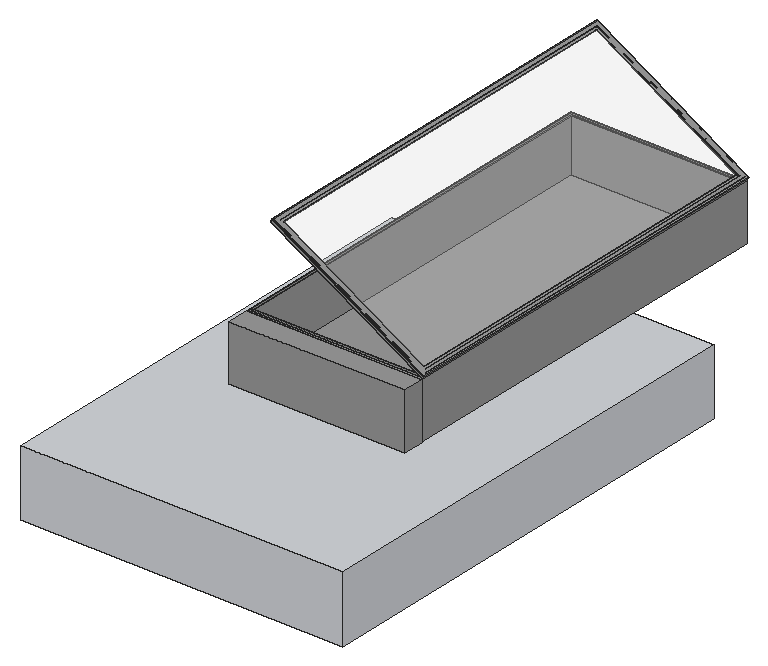
Revit family "Hager-Univers-IP55-D275-H1950-Cl.I-Steel_encl-NoHosted-DE-de", category Equipement électrique, Revit 2020
Family settings
  Hôte = Face
  Configuration du panneau = Deux colonnes, circuits au sein
  Cote de connecteur circulaire = Utiliser le diamètre
  Type d'élément = Tableau de raccordement
  Couper avec des vides une fois chargée = Non
  Partagée = Non
  Point de calcul de pièce = Non
Parameters (values of type "Bodenaufstellung IP55 B800 H1950 T275  - FR23K1")
  Width Control [instance] = if([EF000008 - Breite] > Min Width, [EF000008 - Breite], Min Width)  # 800 mm
  Commentaires du type = [HG000003 - Bereich]  # "Univers"
  Thickness Door [instance] = if([EF009171 - Materialstärke Tür/Deckel] > 3 mm, 3 mm, [EF009171 - Materialstärke Tür/Deckel])  # 1.5 mm
  Seal Frame Offset [instance] = 17 mm  # constant formula
  Plinth Visibility [instance] = [HG000027 - Sockelhöhe] > 0 mm  # yes
  Model = ""
  Min Width [instance] = 100 mm  # constant formula
  Min Height [instance] = 100 mm  # constant formula
  Min Depth [instance] = (2 * [EF009170 - Materialstärke Gehäuse]) + 1 mm  # 4 mm
  Internal Frame Depth [instance] = (Door System Depth * 0.5)  # 9 mm
  Height Control [instance] = if([EF000040 - Höhe] > Min Height, [EF000040 - Höhe], Min Height)  # 1950 mm
  HG000027 - Sockelhöhe = 100 mm
  HG000026 - Stehend auf dem Boden = yes
  HG000024 - Höhe des unteren Teils = 800 mm
  HG000023 - Gehäuse mit doppeltem Querschnitt = no
  HG000016 - 3D-Türsichtbarkeit [instance] = yes
  HG000015 - Sichtbarkeit der Türöffnung [instance] = no
  HG000014 - Tür rechts [instance] = yes
  HG000013 - Tür links [instance] = not([HG000014 - Tür rechts])  # no
  HG000012 - Türschwenkwinkel [instance] = 30.00°
  HG000010 - Asymmetrische Türen = no
  HG000009 - Doppelflügeligen Tür = no
  HG000006 - Unterputz = no
  HG000004 - Herstellerreferenz = "FR23K1"
  HG000003 - Bereich = "Univers"
  HG000002 - Mit tür = yes
  Frame Offset Bottom [instance] = 10 mm  # constant formula
  Frame Offset [instance] = 15 mm  # constant formula
  EF015940 - Deckel mit Überdruckentlastung = no
  EF011959 - Schutzart (NEMA) = ""
  EF009554 - Anzahl der Öffnungen für Flanschplatten = 6
  Fabricant = "Hager"  # constant formula
  EF009212 - Ausführung Deckel = "EV000116 - geschlossen"
  EF009171 - Materialstärke Tür/Deckel = 1.5 mm
  EF009170 - Materialstärke Gehäuse = 1.5 mm
  EF008873 - Nennstrom (In) = 800 A
  EF007800 - Geeignet für Blitzschutz = no
  EF006306 - Mit Schloss = no
  EF006244 - Transparenter Deckel/Tür = yes
  EF005474 - Schutzart (IP) = "EV006420 - IP55"
  EF004464 - Art der Tür = "EV002646 - Einzel"
  EF004427 - Anzahl der Module = 432
  EF004293 - Schlagfestigkeit = "EV008784 - IK10"
  EF003532 - Geeignet für Außengebrauch = no
  EF002950 - Breite in Teilungseinheiten = 24
  EF001613 - Funktionserhalt = "EV000494 - ohne"
  EF001596 - Werkstoff des Gehäuses = "EV000179 - Stahl"
  EF001131 - Innentiefe = 275 mm
  EF001088 - Anbaumöglichkeit = yes
  EF000437 - Anzahl der Leitungseinführungen = 6
  EF000339 - Art der Abdeckung = "EV004216 - Tür"
  EF000266 - Anzahl der Reihen = 12
  EF000218 - Einbautiefe = 0 mm
  EF000118 - Mit Montageplatte = no
  EF000116 - RAL-Nummer = "7035"
  EF000049 - Tiefe = 275 mm
  EF000040 - Höhe = 1950 mm
  EF000008 - Breite = 800 mm
  EF000007 - Farbe = "EV000270 - grau"
  EF000003 - Montageart = "EV012274 - Bodenaufstellung"
  Door System Leaf Tolerance [instance] = 1.5 mm  # constant formula
  Door System Depth [instance] = 18 mm  # constant formula
  Door Height [instance] = Height Control - [HG000027 - Sockelhöhe]  # 1850 mm
  Depth Control [instance] = if([EF000049 - Tiefe] > Min Depth, [EF000049 - Tiefe], Min Depth)  # 275 mm
  Default Elevation = 0 mm
  Connector Offset [instance] = Height Control / 2  # 975 mm
  Bottom Top Plate Trim [instance] = 1.5 mm  # constant formula
  Plinth height Ctrl [instance] = if([HG000027 - Sockelhöhe] > 0 mm, [HG000027 - Sockelhöhe], 12 mm)  # 100 mm
Types (11, lengths in mm): name | Width Control | HG000010 - Asymmetrische Türen | HG000009 - Doppelflügeligen Tür | HG000004 - Herstellerreferenz | EF009554 - Anzahl der Öffnungen für Flanschplatten | EF006244 - Transparenter Deckel/Tür | EF004464 - Art der Tür | EF004427 - Anzahl der Module | EF000437 - Anzahl der Leitungseinführungen | EF000008 - Breite
  Bodenaufstellung IP55 B1050 H1950 T275  - FR24E1 | 1050 | yes | yes | "FR24E1" | 8 | no | "EV003602 - Doppel" | 576 | 8 | 1050
  Bodenaufstellung IP55 B1050 H1950 T275  - FR24K1 | 1050 | yes | yes | "FR24K1" | 8 | yes | "EV003602 - Doppel" | 576 | 8 | 1050
  Bodenaufstellung IP55 B1300 H1950 T275  - FR25E1 | 1300 | yes | yes | "FR25E1" | 10 | no | "EV003602 - Doppel" | 720 | 10 | 1300
  Bodenaufstellung IP55 B1300 H1950 T275  - FR25K1 | 1300 | yes | yes | "FR25K1" | 10 | yes | "EV003602 - Doppel" | 720 | 10 | 1300
  Bodenaufstellung IP55 B1550 H1950 T275  - FR26E1 | 1550 | yes | yes | "FR26E1" | 12 | no | "EV003602 - Doppel" | 864 | 12 | 1550
  Bodenaufstellung IP55 B1550 H1950 T275  - FR26K1 | 1550 | yes | yes | "FR26K1" | 12 | yes | "EV003602 - Doppel" | 864 | 12 | 1550
  Bodenaufstellung IP55 B300 H1950 T275  - FR21E1 | 300 | no | no | "FR21E1" | 2 | no | "EV002646 - Einzel" | 144 | 2 | 300
  Bodenaufstellung IP55 B550 H1950 T275  - FR22E1 | 550 | no | no | "FR22E1" | 4 | no | "EV002646 - Einzel" | 288 | 4 | 550
  Bodenaufstellung IP55 B550 H1950 T275  - FR22K1 | 550 | no | no | "FR22K1" | 4 | yes | "EV002646 - Einzel" | 288 | 4 | 550
  Bodenaufstellung IP55 B800 H1950 T275  - FR23E1 | 800 | no | no | "FR23E1" | 6 | no | "EV002646 - Einzel" | 432 | 6 | 800
  Bodenaufstellung IP55 B800 H1950 T275  - FR23K1 | 800 | no | no | "FR23K1" | 6 | yes | "EV002646 - Einzel" | 432 | 6 | 800
Reference planes
  plane 1 "Center (Front/Back)": y = 0
  plane 2: z = 0
  plane 3 "Center (Left/Right)": x = 0
  plane 4: z = 275
  plane 5: y = 101.5
  plane 6: y = 1025
  plane 7: y = 100
  plane 8: y = 1950
  plane 9: z = 0
  plane 10: x = -385
  plane 11: x = 385
  plane 12: x = 383.5
  plane 13: x = -383.5
  plane 14: y = 1948.5
  plane 15: x = -383
  plane 16: x = -400
  plane 17: x = 383
  plane 18: x = 400
  plane 19: x = 398.5
  plane 20: x = -398.5
  plane 21: y = 111.5
  plane 22: y = 1950
  plane 23: y = 1933.5
  plane 24: z = 257
  plane 25: z = 1.5
  plane 26: z = 255.5
  plane 27: z = 273.5
Forms (mm)
  Extrusion 1, solid
    sketch origin (0, 0, 0) x (1, 0, 0) y (0, 1, 0)
      loop
        line (-702.964, 1305) -> (-702.964, -811.445) -> (766.763, -811.445) -> (766.763, 1305) -> (-702.964, 1305)
    from 0 to -304.8
  Extrusion 2, solid, material "Hager_Steel_RAL7035_Light_Grey", visible <- "Plinth Visibility", detail levels medium+fine
    sketch origin (0, 0, 0) x (1, 0, 0) y (0, 1, 0)
      loop
        line (-400, 0) -> (400, 0) -> (400, 100) -> (-400, 100) -> (-400, 0)
    from 0 to 257
  Extrusion 3, solid, material "Hager_Steel_RAL7035_Light_Grey", detail levels medium+fine
    sketch origin (0, 0, 0) x (1, 0, 0) y (0, 1, 0)
      loop
        line (-400, 100) -> (400, 100) -> (400, 1950) -> (-400, 1950) -> (-400, 100)
    from 0 to 257
  Extrusion 4, void
    sketch origin (0, 0, 0) x (1, 0, 0) y (0, 1, 0)
      loop
        line (-398.5, 101.5) -> (398.5, 101.5) -> (398.5, 1948.5) -> (-398.5, 1948.5) -> (-398.5, 101.5)
    from 1.5 to 255.5
  Extrusion 5, void
    sketch origin (-381.607, -4572, 257) x (0, -1, 0) y (-1, 0, 0)
      loop
        line (-4683.5, 1.893) -> (-6505.5, 1.893) -> (-6505.5, -765.107) -> (-4683.5, -765.107) -> (-4683.5, 1.893)
    from 0 to 1.5 <- "EF009170 - Materialstärke Gehäuse"
  Extrusion 6, solid, material "Hager_Steel_RAL7035_Light_Grey", detail levels fine
    sketch origin (0, 0, 257) x (1, 0, 0) y (0, 1, 0)
      loop
        line (-383.5, 1933.5) -> (-383.5, 111.5) -> (383.5, 111.5) -> (383.5, 1933.5) -> (-383.5, 1933.5)
      loop
        line (-385, 110) -> (385, 110) -> (385, 1935) -> (-385, 1935) -> (-385, 110)
    from 0 to 9 <- "Internal Frame Depth"
  Extrusion 7, solid, material "Hager_Steel_RAL7035_Light_Grey", detail levels coarse
    sketch origin (0, 0, 0) x (1, 0, 0) y (0, 1, 0)
      loop
        line (-400, 0) -> (400, 0) -> (400, 1950) -> (-400, 1950) -> (-400, 0)
    from 0 to 275
  Sweep 8, void
    path in 3D
      loop
        line (-400, 100, 0) -> (400, 100, 0) -> (400, 100, 257) -> (-400, 100, 257) -> (-400, 100, 0)
    profile origin (-400, 100, 128.5) x (-1, 0, 0) y (0, -1, 0)
      loop
        line (0, 0) -> (0, 1.5) -> (-1.5, 1.5)
        arc (-1.5, 1.5) -> (-1.061, 0.439) -> (0, 0) r 1.5
Cuts and joins
  Extrusion 4, Extrusion 5 cuts Extrusion 3
  Sweep 8 cuts Extrusion 2
Lines and regions (mm)
  Masking region 1
    outline origin (0, 0, 0) x (1, 0, 0) y (0, 0, 1)
      loop
        line (-400, 275) -> (-400, 0) -> (400, 0) -> (400, 275) -> (-400, 275)
  Masking region 2, detail levels medium+fine
    outline origin (0, 140, 0) x (0, 1, 0) y (0, 0, 1)
      loop
        line (-40, 0) -> (1810, 0) -> (1810, 257) -> (-40, 257) -> (-40, 0)
  Masking region 3, not visible, detail levels medium+fine
    outline origin (0, 297.922, 0) x (0, 1, 0) y (0, 0, 1)
      loop
        line (738.578, 0) -> (778.578, 0) -> (778.578, 263.5)
        arc (778.578, 263.5) -> (775.649, 270.571) -> (768.578, 273.5) r 10
        line (768.578, 273.5) -> (738.578, 273.5) -> (738.578, 0)
  Masking region 4, detail levels coarse
    outline origin (0, 0, 180) x (0, 1, 0) y (0, 0, 1)
      loop
        line (0, -180) -> (1950, -180) -> (1950, 95) -> (0, 95) -> (0, -180)
  Masking region 5, visible <- "Plinth Visibility", detail levels medium+fine
    outline origin (0, 52.24, 12.345) x (0, 0, -1) y (0, 1, 0)
      loop
        line (10.845, 47.76) -> (-243.155, 47.76)
        arc (-243.155, 47.76) -> (-243.594, 46.699) -> (-244.655, 46.26) r 1.5
        line (-244.655, 46.26) -> (-244.655, -52.24) -> (12.345, -52.24) -> (12.345, 46.26)
        arc (12.345, 46.26) -> (11.285, 46.699) -> (10.845, 47.76) r 1.5
  Masking region 6, detail levels medium+fine
    outline origin (-381.607, -4572, 257) x (-1, 0, 0) y (0, -1, 0)
      loop
        line (18.393, -6522) -> (18.393, -4672) -> (-781.607, -4672) -> (-781.607, -6522) -> (18.393, -6522)
  Masking region 7, visible <- "Plinth Visibility", detail levels medium+fine
    outline origin (-381.607, -4727, 257) x (-1, 0, 0) y (0, -1, 0)
      loop
        arc (16.893, -4827) -> (17.332, -4825.939) -> (18.393, -4825.5) r 1.5
        line (18.393, -4825.5) -> (18.393, -4727) -> (-781.607, -4727) -> (-781.607, -4825.5)
        arc (-781.607, -4825.5) -> (-780.546, -4825.939) -> (-780.107, -4827) r 1.5
        line (-780.107, -4827) -> (16.893, -4827)
  Masking region 8, detail levels coarse
    outline origin (-442.548, -4669.526, 257) x (-1, 0, 0) y (0, -1, 0)
      loop
        line (-42.548, -6619.526) -> (-42.548, -4669.526) -> (-842.548, -4669.526) -> (-842.548, -6619.526) -> (-42.548, -6619.526)
  sketch lines
    curve 1: line (-400, 100, 257) -> (-400, 100, 0)
    curve 2: line (400, 100, 257) -> (-400, 100, 257)
    curve 3: line (400, 100, 257) -> (400, 100, 0)
    curve 4: line (-400, 100, 0) -> (400, 100, 0)
Dimensions and locks
  "Depth Control": plane 4 to Extrusion 1
  "HG000027 - Sockelhöhe": plane 1 "Center (Front/Back)" to plane 7
  "EF009170 - Materialstärke Gehäuse": plane 5 to plane 7
  locked: connector elem to plane 3 "Center (Left/Right)"
  equal spacing: plane 8, plane 6, plane 7
  locked: connector elem to plane 6
  "EF009170 - Materialstärke Gehäuse": plane 8 to plane 14
  "EF009170 - Materialstärke Gehäuse": plane 10 to plane 13
  "EF009170 - Materialstärke Gehäuse": plane 12 to plane 11
  "Frame Offset": plane 20 to plane 13
  "Frame Offset": plane 12 to plane 19
  "EF009170 - Materialstärke Gehäuse": plane 16 to plane 20
  "EF009170 - Materialstärke Gehäuse": plane 19 to plane 18
  "Seal Frame Offset": plane 16 to plane 15
  "Seal Frame Offset": plane 17 to plane 18
  "Frame Offset Bottom": plane 21 to plane 5
  "Frame Offset": plane 14 to plane 23
  equal spacing: plane 16, plane 3 "Center (Left/Right)", plane 18
  "Width Control": plane 16 to plane 18
  "EF009170 - Materialstärke Gehäuse": plane 4 to plane 27
  "EF009170 - Materialstärke Gehäuse": plane 24 to plane 26
  "EF009170 - Materialstärke Gehäuse": plane 25 to level
  "Door System Depth": plane 4 to plane 24
  "Height Control": plane 1 "Center (Front/Back)" to Extrusion 7 sketch curve
  "Height Control": Masking region 4 sketch curve to plane 1 "Center (Front/Back)"
  "Height Control": plane 1 "Center (Front/Back)" to plane 22
  "Bottom Top Plate Trim": profile plane to Sweep 8 sketch curve
  "Bottom Top Plate Trim": Sweep 8 sketch curve to profile plane
  "Plinth height Ctrl": plane 1 "Center (Front/Back)" to Extrusion 2 sketch curve
  "Plinth height Ctrl": Masking region 5 sketch curve to plane 1 "Center (Front/Back)"
  "Plinth height Ctrl": plane 1 "Center (Front/Back)" to Masking region 7 sketch curve
  "Thickness Door": Extrusion 6 sketch curve to Extrusion 6 sketch curve  (x3)
  "Thickness Door": cut or joined group of Extrusion 3, Extrusion 4, Extrusion 5 to Extrusion 6 sketch curve
  radius of Masking region 3 sketch curve = 10 mm
  "Bottom Top Plate Trim": radius of Masking region 5 sketch curve  (x2)
  "Bottom Top Plate Trim": radius of Sweep 8 sketch curve
  "Bottom Top Plate Trim": radius of Masking region 7 sketch curve  (x2)
  aligned and locked: plane 2 to Extrusion 1
  aligned and locked: level to Extrusion 1
  aligned and locked: level to Masking region 1 sketch curve
  aligned and locked: Masking region 1 sketch curve to plane 18
  aligned and locked: Masking region 1 sketch curve to plane 16
  aligned and locked: plane 7 to Masking region 2 sketch curve
  aligned and locked: level to Masking region 3 sketch curve
  aligned and locked: Masking region 3 sketch curve to plane 27
  aligned and locked: level to Masking region 2 sketch curve
  aligned and locked: plane 1 "Center (Front/Back)" to Extrusion 2 sketch curve
  aligned and locked: Extrusion 3 sketch curve to plane 7
  aligned and locked: plane 16 to Extrusion 3 sketch curve
  aligned and locked: plane 18 to Extrusion 3 sketch curve
  aligned and locked: plane 20 to Extrusion 4 sketch curve
  aligned and locked: plane 19 to Extrusion 4 sketch curve
  aligned and locked: Extrusion 4 sketch curve to plane 5
  aligned and locked: Extrusion 4 to plane 25
  aligned and locked: plane 26 to Extrusion 4
  aligned and locked: plane 24 to Extrusion 3
  aligned and locked: Extrusion 5 sketch curve to plane 21
  aligned and locked: Extrusion 5 sketch curve to plane 13
  aligned and locked: Extrusion 5 sketch curve to plane 12
  aligned and locked: plane 18 to Extrusion 7 sketch curve
  aligned and locked: plane 1 "Center (Front/Back)" to Extrusion 7 sketch curve
  aligned and locked: plane 16 to Extrusion 7 sketch curve
  aligned and locked: plane 4 to Extrusion 7
  aligned and locked: Extrusion 7 to level
  aligned and locked: level to Masking region 4 sketch curve
  aligned and locked: Masking region 4 sketch curve to plane 1 "Center (Front/Back)"
  aligned and locked: Masking region 4 sketch curve to plane 4
  aligned and locked: nested 1 to level
  aligned and locked: nested 1 to plane 16
  aligned and locked: plane 8 to Extrusion 3 sketch curve
  aligned and locked: plane 23 to Extrusion 5 sketch curve
  aligned and locked: plane 14 to Extrusion 4 sketch curve
  aligned and locked: Masking region 2 sketch curve to plane 8
  aligned and locked: level to Masking region 5 sketch curve
  aligned and locked: plane 16 to Extrusion 2 sketch curve
  aligned and locked: plane 18 to Extrusion 2 sketch curve
  aligned and locked: Masking region 5 sketch curve to plane 24
  aligned and locked: Masking region 2 sketch curve to plane 24
  aligned and locked: plane 24 to Extrusion 2
  aligned and locked: profile plane to Sweep 8 sketch curve  (x2)
  aligned and locked: Masking region 6 sketch curve to plane 18
  aligned and locked: Masking region 6 sketch curve to plane 22
  aligned and locked: Masking region 6 sketch curve to plane 16
  aligned and locked: plane 8 to plane 22
  aligned and locked: Masking region 6 sketch curve to plane 7
  aligned and locked: Masking region 7 sketch curve to plane 16
  aligned and locked: Masking region 7 sketch curve to plane 1 "Center (Front/Back)"
  aligned and locked: Masking region 7 sketch curve to plane 18
  aligned and locked: Masking region 8 sketch curve to plane 1 "Center (Front/Back)"
  aligned and locked: Masking region 8 sketch curve to plane 18
  aligned and locked: Masking region 8 sketch curve to plane 22
  aligned and locked: Masking region 8 sketch curve to plane 16
  aligned and locked: nested 2 to plane 7
  aligned and locked: plane 3 "Center (Left/Right)" to nested 2
  aligned and locked: nested 2 to plane 24
  aligned and locked: Extrusion 6 sketch curve to cut or joined group of Extrusion 3, Extrusion 4, Extrusion 5  (x4)
Automatic sketch dimensions
  Extrusion 1 sketch curve to Extrusion 1 sketch curve = 1469.727 mm
  Extrusion 1 sketch curve to Extrusion 1 sketch curve = 2116.445 mm
  Masking region 1 sketch curve to plane 4 = 0 mm
  plane 6 to Masking region 3 sketch curve = 11.5 mm
  Masking region 3 sketch curve to Masking region 3 sketch curve = 30 mm
  Masking region 5 sketch curve to plane 1 "Center (Front/Back)" = 0 mm
Nested families
  nested 1: "Hager_Enclosure_Symbol" at (-400, 0, 0) x (1, 0, 0) z (0, -1, 0), Height <- "Depth Control", Width <- "Width Control", type "Hager_Enclosure_Symbol"
    with Width_Ctrl 800 mm, Width 800 mm, Height_Ctrl 275 mm, Height 275 mm, A_Width_Int 18.047 mm, A_Width 216.562 mm, A_Height_Ctrl 240.625 mm, A_Height 240.625 mm
  nested 2: "EC000058_Univers_Door" at (0, 100, 257) x (1, 0, 0) z (0, 1, 0), Leaf_Tolerance <- "Door System Leaf Tolerance", Angle <- "HG000012 - Türschwenkwinkel", Door_Depth <- "Door System Depth", Door_Left <- "HG000013 - Tür links", Transparent <- "EF006244 - Transparenter Deckel/Tür", Assymetrical <- "HG000010 - Asymmetrische Türen", Width <- "Width Control", Clearance <- "HG000015 - Sichtbarkeit der Türöffnung", Double <- "HG000009 - Doppelflügeligen Tür", 3d_Door <- "HG000016 - 3D-Türsichtbarkeit", Lock_Visibility <- "EF006306 - Mit Schloss", Width_Ctrl <- "Width Control", Door_Right <- "HG000014 - Tür rechts", Door <- "HG000002 - Mit tür", Height <- "Door Height", Thickness <- "Thickness Door", type "EC000058_Univers_Door", detail levels medium+fine
    with min_wh 4 mm, Width_Ctrl 800 mm, Width 800 mm, Transparent yes, Thickness 1.5 mm, Seal_Material Hager_Rubber, Lock_Visibility no, Lock_Material Hager_Plastic_RAL9005_Jet_Black, Leaf_Width 800 mm, Leaf_Tolerance_External_Sides 0 mm, Leaf_Tolerance 1.5 mm, Leaf_Offset 0 mm, Leaf_Height 1847 mm, Leaf_2_Width 800 mm, Leaf_2_Offset 400 mm, Leaf_1_Width 800 mm, Leaf_1_Offset 400 mm, Height_Ctrl 1850 mm, Height 1850 mm, Glass_Material Hager_Glass, Double_Clearance_Ctrl no, Double no, Door_Right_Ctrl yes, Door_Right yes, Door_Material Hager_Steel_RAL7035_Light_Grey, Door_Left_Ctrl no, Door_Left no, Door_Depth 18 mm, Door yes, Clearance_Material Hager_Clearance, Clearance_Depth 800 mm, Clearance_Ctrl no, Clearance no, Assymetrical no, Angle 30.00°, 3d_Door yes
Connectors
  electrical at (0, 1025, 0)
    settings: on plane 9, index 1, voltage 0 V, apparent load 0 VA, apparent load phase1 0 VA, apparent load phase2 0 VA, apparent load phase3 0 VA, power factor 1, load classification "Other", number of poles 1, system type 30, power factor state 1, is connector primary yes, connector utility no, sub classification motor no, connector description ""
Definition of nested family "EC000058_Univers_Door"
  Parameters (values of type "EC000058_Univers_Door")
    min_wh [instance] = (2 * Thickness) + 1 mm  # 11 mm
    Width_Ctrl [instance] = 400 mm
    Width [instance] = 500 mm
    Transparent [instance] = yes
    Thickness [instance] = 5 mm
    Seal_Material [instance] = none
    Lock_Visibility [instance] = yes
    Lock_Material [instance] = none
    Leaf_Width [instance] = if((Width_Ctrl - 2 * Leaf_Tolerance_External_Sides) > 0 mm, (Width_Ctrl - 2 * Leaf_Tolerance_External_Sides), min_wh)  # 400 mm
    Leaf_Tolerance_External_Sides [instance] = 0 mm  # constant formula
    Leaf_Tolerance [instance] = 1.5 mm
    Leaf_Offset [instance] = 0 mm  # constant formula
    Leaf_Height [instance] = if((Height_Ctrl - 2 * Leaf_Tolerance) > 0 mm, (Height_Ctrl - 2 * Leaf_Tolerance), min_wh)  # 497 mm
    Leaf_2_Width [instance] = if(and(and(Double, Assymetrical), Door_Left), (Leaf_Width / 3) - (Leaf_Tolerance / 2), if(and(and(Double, Assymetrical), Door_Right), (Leaf_Width / 3) * 2 - (Leaf_Tolerance / 2), if(and(Double, not(Assymetrical)), (Leaf_Width / 2) - Leaf_Tolerance, Leaf_Width)))  # 400 mm
    Leaf_2_Offset [instance] = if(and(Double, Assymetrical), Leaf_2_Width / 2, if(and(Double, not(Assymetrical)), Leaf_Width / 4, Leaf_Width / 2))  # 200 mm
    Leaf_1_Width [instance] = if(and(and(Double, Assymetrical), Door_Right), (Leaf_Width / 3) - (Leaf_Tolerance / 2), if(and(and(Double, Assymetrical), Door_Left), (Width / 3) * 2 - (Leaf_Tolerance / 2), if(and(Double, not(Assymetrical)), (Leaf_Width / 2) - Leaf_Tolerance, Leaf_Width)))  # 400 mm
    Leaf_1_Offset [instance] = if(and(Double, Assymetrical), Leaf_1_Width / 2, if(and(Double, not(Assymetrical)), Leaf_Width / 4, Leaf_Width / 2))  # 200 mm
    Height_Ctrl [instance] = if(Height > min_wh, Height, min_wh)  # 500 mm
    Height [instance] = 500 mm
    Glass_Material [instance] = none
    Double_Clearance_Ctrl [instance] = and(Double, Clearance)  # no
    Double [instance] = no
    Door_Right_Ctrl [instance] = and(or(Door_Right, Double), Door)  # yes
    Door_Right [instance] = yes
    Door_Material [instance] = none
    Door_Left_Ctrl [instance] = and(or(Door_Left, Double), Door)  # no
    Door_Left [instance] = no
    Door_Depth [instance] = 30 mm
    Door [instance] = yes
    Default Elevation = 1219.2 mm
    Clearance_Material [instance] = none
    Clearance_Depth [instance] = if(Leaf_1_Width > Leaf_2_Width, Leaf_1_Width, Leaf_2_Width)  # 400 mm
    Clearance_Ctrl [instance] = and(not(Double), Clearance)  # yes
    Clearance [instance] = yes
    Assymetrical [instance] = yes
    Angle [instance] = 30.00°
    3d_Door [instance] = yes
  Reference planes
    plane 1 "Center (Front/Back)": y = 0
    plane 2 "Bottom": z = 0
    plane 3 "Center (Left/Right)": x = 0
    plane 4: z = 500
    plane 5: x = -200
    plane 6: x = 200
    plane 7: z = 500
    plane 8: x = -200
    plane 9: z = 0
    plane 10: x = 200
    plane 11: y = 0
    plane 12: z = 1.5
    plane 13: x = -600
    plane 14: y = -400
    plane 15: x = 600
    plane 16: x = 0
    plane 17: x = 0
    plane 18: x = -200
    plane 19: x = 200
    plane 20: z = 498.5
  Forms (mm)
    Extrusion 1, solid, material <- "Clearance_Material", visible <- "Double_Clearance_Ctrl"
      sketch origin (1200, 0, 0) x (1, 0, 0) y (0, 0, -1)
        loop
          line (-1800, -498.5) -> (-600, -498.5) -> (-600, 0) -> (-1800, 0) -> (-1800, -498.5)
      from 0 to -400
  Dimensions and locks
    equal spacing: plane 5, plane 3 "Center (Left/Right)", plane 6
    "Width_Ctrl": plane 5 to plane 6
    "Leaf_Offset": plane 5 to plane 8
    "Leaf_Offset": plane 6 to plane 10
    "Leaf_Offset": plane 9 to level
    "Leaf_Offset": plane 4 to plane 7
    "Height_Ctrl": plane 4 to level
    "Leaf_Tolerance": plane 12 to plane 9
    locked: plane 11 to plane 1 "Center (Front/Back)"
    "Leaf_1_Offset": plane 18 to plane 16
    "Leaf_2_Offset": plane 17 to plane 19
    "Leaf_1_Width": plane 13 to plane 8
    "Leaf_2_Width": plane 10 to plane 15
    "Clearance_Depth": plane 14 to plane 1 "Center (Front/Back)"
    "Leaf_Tolerance_External_Sides": plane 8 to plane 18
    "Leaf_Tolerance_External_Sides": plane 19 to plane 10
    "Leaf_Tolerance": plane 7 to plane 20
    aligned and locked: level to plane 2 "Bottom"
    aligned and locked: nested 1 to plane 16
    aligned and locked: nested 2 to plane 17
    aligned and locked: Extrusion 1 to plane 13
    aligned and locked: plane 15 to Extrusion 1
    aligned and locked: Extrusion 1 to plane 14
    aligned and locked: plane 12 to nested 1
    aligned and locked: nested 2 to plane 12
    aligned and locked: Extrusion 1 to plane 11
    aligned and locked: plane 20 to Extrusion 1
    aligned and locked: nested 2 to plane 11
    aligned and locked: nested 1 to plane 11
  Automatic sketch dimensions
    Extrusion 1 sketch curve to level = 0 mm
    plane 5 to Extrusion 1 sketch curve = 400 mm
    plane 6 to Extrusion 1 sketch curve = 400 mm
    Extrusion 1 sketch curve to plane 4 = 1.5 mm
  Nested families
    nested 1: "EC000058_Univers_Door_Leaf" at (0, 0, 1.5), Width <- "Leaf_1_Width", visible <- "Door_Left_Ctrl", Leaf_Height <- "Leaf_Height", Angle <- "Angle", 3d_Door <- "3d_Door", Transparent <- "Transparent", Clearance Material <- "Clearance_Material", Clearance <- "Clearance_Ctrl", Door_Material <- "Door_Material", Glass_Material <- "Glass_Material", Door_Depth <- "Door_Depth", Lock_Material <- "Lock_Material", Seal_Material <- "Seal_Material", Lock_Visibility <- "Lock_Visibility", Thickness <- "Thickness", type "EC000058_Univers_Door_Leaf"
      with Width 400 mm, Transparent_Glass_Offset 30 mm, Transparent_Ctrl yes, Transparent yes, Thickness 5 mm, Standard no, Seal_Material none, Seal_D2 8 mm, Seal_D1 1 mm, Offset_Internal_Frame 10 mm, Lock_Width 20 mm, Lock_Visibility_3d yes, Lock_Visibility yes, Lock_Thickness_3 3 mm, Lock_Thickness_2 1 mm, Lock_Thickness_1 3 mm, Lock_Radius_Offset_2 16 mm, Lock_Radius_Offset_1 15 mm, Lock_Radius_2 5 mm, Lock_Radius 6 mm, Lock_Offset 5 mm, Lock_Material none, Lock_Height 80 mm, Lock_Cover_Top_Offset_2d 17 mm, Lock_Cover_Height -65 mm, Leaf_Height 497 mm, Internal_Seal_Thickness 8 mm, Internal_Seal_Depth_2 4.5 mm, Internal_Frame_Depth 25 mm, Glass_Thickness -1 mm, Glass_Offset -2 mm, Glass_Material none, Door_Material none, Door_Depth 30 mm, Clearance Material none, Clearance yes, Angle_Ctrl 30.00°, Angle 30.00°, 3d_Door yes
    nested 2: "EC000058_Univers_Door_Leaf" at (0, 0, 1.5) x (-1, 0, 0) z (0, 0, 1), Width <- "Leaf_2_Width", visible <- "Door_Right_Ctrl", Leaf_Height <- "Leaf_Height", Angle <- "Angle", 3d_Door <- "3d_Door", Transparent <- "Transparent", Clearance Material <- "Clearance_Material", Clearance <- "Clearance_Ctrl", Door_Material <- "Door_Material", Glass_Material <- "Glass_Material", Door_Depth <- "Door_Depth", Lock_Material <- "Lock_Material", Seal_Material <- "Seal_Material", Lock_Visibility <- "Lock_Visibility", Thickness <- "Thickness", type "EC000058_Univers_Door_Leaf"
      with Width 400 mm, Transparent_Glass_Offset 30 mm, Transparent_Ctrl yes, Transparent yes, Thickness 5 mm, Standard no, Seal_Material none, Seal_D2 8 mm, Seal_D1 1 mm, Offset_Internal_Frame 10 mm, Lock_Width 20 mm, Lock_Visibility_3d yes, Lock_Visibility yes, Lock_Thickness_3 3 mm, Lock_Thickness_2 1 mm, Lock_Thickness_1 3 mm, Lock_Radius_Offset_2 16 mm, Lock_Radius_Offset_1 15 mm, Lock_Radius_2 5 mm, Lock_Radius 6 mm, Lock_Offset 5 mm, Lock_Material none, Lock_Height 80 mm, Lock_Cover_Top_Offset_2d 17 mm, Lock_Cover_Height -65 mm, Leaf_Height 497 mm, Internal_Seal_Thickness 8 mm, Internal_Seal_Depth_2 4.5 mm, Internal_Frame_Depth 25 mm, Glass_Thickness -1 mm, Glass_Offset -2 mm, Glass_Material none, Door_Material none, Door_Depth 30 mm, Clearance Material none, Clearance yes, Angle_Ctrl 30.00°, Angle 30.00°, 3d_Door yes
  Definition of nested family "EC000058_Univers_Door_Leaf"
    Parameters (values of type "EC000058_Univers_Door_Leaf")
      Width [instance] = 2000 mm
      Transparent_Glass_Offset [instance] = 30 mm
      Transparent_Ctrl [instance] = and(Transparent, [3d_Door])  # yes
      Transparent [instance] = yes
      Thickness [instance] = 5 mm
      Standard [instance] = and(not(Transparent), [3d_Door])  # no
      Seal_Material [instance] = none
      Seal_D2 [instance] = 8 mm  # constant formula
      Seal_D1 [instance] = 1 mm  # constant formula
      Offset_Internal_Frame [instance] = 10 mm  # constant formula
      Lock_Width [instance] = 20 mm  # constant formula
      Lock_Visibility_3d [instance] = and(Lock_Visibility, [3d_Door])  # yes
      Lock_Visibility [instance] = yes
      Lock_Thickness_3 [instance] = 3 mm  # constant formula
      Lock_Thickness_2 [instance] = 1 mm  # constant formula
      Lock_Thickness_1 [instance] = 3 mm  # constant formula
      Lock_Radius_Offset_2 [instance] = Lock_Radius_Offset_1 + 1 mm  # 16 mm
      Lock_Radius_Offset_1 [instance] = 15 mm  # constant formula
      Lock_Radius_2 [instance] = Lock_Radius - 1 mm  # 5 mm
      Lock_Radius [instance] = 6 mm  # constant formula
      Lock_Offset [instance] = 5 mm  # constant formula
      Lock_Material [instance] = none
      Lock_Height [instance] = 80 mm  # constant formula
      Lock_Cover_Top_Offset_2d [instance] = Lock_Radius_Offset_2 + 1 mm  # 17 mm
      Lock_Cover_Height [instance] = -(Lock_Height - Lock_Radius_Offset_1)  # -65 mm
      Leaf_Height [instance] = 2720.336 mm
      Internal_Seal_Thickness [instance] = 8 mm  # constant formula
      Internal_Seal_Depth_2 [instance] = 4.5 mm  # constant formula
      Internal_Frame_Depth [instance] = if(Door_Depth - Thickness > 5 mm, Door_Depth - Thickness, 5 mm)  # 25 mm
      Glass_Thickness [instance] = if(Thickness > 15 mm, Glass_Offset + 10 mm, -1 mm)  # -1 mm
      Glass_Offset [instance] = if(Thickness > 15 mm, -(Thickness + 10 mm) / 2, -2 mm)  # -2 mm
      Glass_Material [instance] = none
      Door_Material [instance] = none
      Door_Depth [instance] = 30 mm
      Default Elevation = 0 mm
      Clearance Material [instance] = none
      Clearance [instance] = yes
      Angle_Ctrl [instance] = if(Angle > 180.00°, 180.00°, Angle)  # 90.00°
      Angle [instance] = 90.00°
      3d_Door [instance] = yes
    Reference planes
      plane 1 "Center (Front/Back)": y = 0
      plane 2: z = 0
      plane 3 "Center (Left/Right)": x = 0
      plane 4: y = 2000
      plane 5: x = -1000
      plane 6: x = 1000
      plane 7: x = -3000
      plane 8: z = 2720.336
      plane 9: z = 30
      plane 10: z = 2690.336
      plane 11: x = 970
      plane 12: x = -970
      plane 13: y = -3
      plane 14: z = 107.833
      plane 15: y = -5
      plane 16: y = -223.314
      plane 17: x = -1000
      plane 18: z = 1360.168
      plane 19: y = 30
    Forms (mm)
      Extrusion 1, solid, material <- "Clearance Material", visible <- "Clearance"
        sketch origin (0, 0, 0) x (1, 0, 0) y (0, 0, 1)
          loop
            line (-3000, 2720.336) -> (-3000, 0) -> (1000, 0) -> (1000, 2720.336) -> (-3000, 2720.336)
        from 0 to -2000
      Extrusion 2, solid, material <- "Door_Material", visible <- "Standard", detail levels medium+fine
        sketch origin (-1000, 0, 0) x (0, 1, 0) y (-1, 0, 0)
          loop
            line (0, 30) -> (0, 25) -> (2000, 25) -> (2000, 30) -> (0, 30)
        from 0 to 2720.336 <- "Leaf_Height"
      Extrusion 3, solid, material <- "Door_Material", visible <- "Transparent_Ctrl", detail levels medium+fine
        sketch origin (-1000, 0, 0) x (0, 1, 0) y (-1, 0, 0)
          loop
            line (0, 25) -> (2000, 25) -> (2000, 30) -> (0, 30) -> (0, 25)
        from 0 to 2720.336 <- "Leaf_Height"
      Extrusion 4, void
        sketch origin (-1025, 2000, 0) x (0, 1, 0) y (0, 0, -1)
          loop
            line (-30, -2690.336) -> (-30, -30) -> (-1970, -30) -> (-1970, -2690.336) -> (-30, -2690.336)
        from 0 to 5 <- "Thickness"
      Sweep 5, solid, material <- "Seal_Material", visible <- "Transparent_Ctrl", detail levels fine
        path in 3D
          loop
            line (-1025, 30, 30) -> (-1025, 30, 2690.336) -> (-1025, 1970, 2690.336) -> (-1025, 1970, 30) -> (-1025, 30, 30)
        profile origin (-1025, 1000, 30) x (1, 0, 0) y (0, 0, 1)
          loop
            line (0, 0) -> (0, -8) -> (1, -8) -> (1, 0) -> (0, 0)
      Extrusion 6, solid, material <- "Glass_Material", visible <- "Transparent_Ctrl", detail levels medium+fine
        sketch origin (-1030, 0, 0) x (0, 1, 0) y (0, 0, -1)
          loop
            line (1970, -2690.336) -> (1970, -30) -> (30, -30) -> (30, -2690.336) -> (1970, -2690.336)
        from -2 <- "Glass_Offset" to -1 <- "Glass_Thickness"
      Extrusion 7, solid, material <- "Door_Material", visible <- "3d_Door", detail levels medium+fine
        sketch origin (-1025, 2000, 0) x (0, -1, 0) y (0, 0, -1)
          loop
            line (0, -2720.336) -> (2000, -2720.336) -> (2000, 0) -> (0, 0) -> (0, -2720.336)
          loop
            line (1995, -5) -> (5, -5) -> (5, -2715.336) -> (1995, -2715.336) -> (1995, -5)
        from 0 to 25 <- "Internal_Frame_Depth"
      Sweep 8, solid, material <- "Seal_Material", visible <- "Transparent_Ctrl", detail levels fine
        path in 3D
          loop
            line (-1025, 0, 0) -> (-1025, 2000, 0) -> (-1025, 2000, 2720.336) -> (-1025, 0, 2720.336) -> (-1025, 0, 0)
        profile origin (-1025, 0, 1360.168) x (1, 0, 0) y (0, 1, 0)
          loop
            line (0, 10) -> (2.975, 10)
            arc (2.975, 10) -> (4.053, 10.447) -> (4.5, 11.525) r 1.525
            line (4.5, 11.525) -> (4.5, 16.527)
            arc (4.5, 16.527) -> (4.069, 17.569) -> (3.027, 18) r 1.473
            line (3.027, 18) -> (0, 18) -> (0, 10)
      Extrusion 9, solid, material <- "Lock_Material", visible <- "Lock_Visibility_3d", detail levels fine
        sketch origin (-1030, 0, 0) x (0, 1, 0) y (0, 0, -1)
          loop
            arc (1993.5, -1400.168) -> (1994.561, -1399.729) -> (1995, -1398.668) r 1.5
            line (1995, -1398.668) -> (1995, -1320.168) -> (1975, -1320.168) -> (1975, -1398.668)
            arc (1975, -1398.668) -> (1975.439, -1399.729) -> (1976.5, -1400.168) r 1.5
            line (1976.5, -1400.168) -> (1993.5, -1400.168)
        from 3 <- "Lock_Thickness_1" to 0
      Blend 10, solid, material <- "Lock_Material", visible <- "Lock_Visibility_3d", detail levels fine
        base sketch origin (-1033, 0, 0) x (0, 1, 0) y (0, 0, -1)
          loop
            line (1975, -1320.168) -> (1975, -1398.668)
            arc (1975, -1398.668) -> (1975.439, -1399.729) -> (1976.5, -1400.168) r 1.5
            line (1976.5, -1400.168) -> (1993.5, -1400.168)
            arc (1993.5, -1400.168) -> (1994.561, -1399.729) -> (1995, -1398.668) r 1.5
            line (1995, -1398.668) -> (1995, -1320.168) -> (1975, -1320.168)
        top sketch origin (-1033, 0, 0) x (0, 1, 0) y (0, 0, -1)
          loop
            line (1976, -1320.168) -> (1976, -1398.668)
            arc (1976, -1398.668) -> (1976.146, -1399.022) -> (1976.5, -1399.168) r 0.5
            line (1976.5, -1399.168) -> (1993.5, -1399.168)
            arc (1993.5, -1399.168) -> (1993.854, -1399.022) -> (1994, -1398.668) r 0.5
            line (1994, -1398.668) -> (1994, -1320.168) -> (1976, -1320.168)
        from 0 to 1 <- "Lock_Thickness_2"
      Blend 11, solid, material <- "Lock_Material", visible <- "Lock_Visibility_3d", detail levels fine
        base sketch origin (-1034, 0, 0) x (0, 1, 0) y (0, 0, -1)
          loop
            line (1978, -1320.168) -> (1978, -1384.168)
            arc (1978, -1384.168) -> (1985, -1391.168) -> (1992, -1384.168) r 7
            line (1992, -1384.168) -> (1992, -1320.168) -> (1978, -1320.168)
        top sketch origin (-1034, 0, 0) x (0, 1, 0) y (0, 0, -1)
          loop
            line (1991, -1320.168) -> (1979, -1320.168) -> (1979, -1383.168)
            arc (1979, -1383.168) -> (1985, -1389.168) -> (1991, -1383.168) r 6
            line (1991, -1383.168) -> (1991, -1320.168)
        from 0 to 3 <- "Lock_Thickness_3"
      Extrusion 12, solid, material <- "Lock_Material", visible <- "Lock_Visibility_3d", detail levels fine
        sketch origin (-1030, 1975, 1320.168) x (1, 0, 0) y (0, -1, 0)
          loop
            line (-7, -19) -> (-7, -1) -> (0, -1) -> (0, 0) -> (-8, 0) -> (-8, -20) -> (0, -20) -> (0, -19) -> (-7, -19)
        from 0 to -65 <- "Lock_Cover_Height"
      Extrusion 13, void
        sketch origin (-1038, 1995, 1320.168) x (-1, 0, 0) y (0, 0, -1)
          loop
            line (-5, -65) -> (0, -65) -> (-5, -60) -> (-5, -65)
        from 0 to 20 <- "Lock_Width"
      Extrusion 14, void
        sketch origin (-1038, 1975, 1320.168) x (0, -1, 0) y (0, 0, -1)
          loop
            circle (-10, -15.995) r 6
          loop
            circle (-10, -15.995) r 5
        from 0 to 2
      Extrusion 15, solid, material <- "Lock_Material", visible <- "Lock_Visibility_3d", detail levels medium
        sketch origin (-1030, 0, 0) x (0, 1, 0) y (0, 0, -1)
          loop
            arc (1993.5, -1400.168) -> (1994.561, -1399.729) -> (1995, -1398.668) r 1.5
            line (1995, -1398.668) -> (1995, -1320.168) -> (1975, -1320.168) -> (1975, -1398.668)
            arc (1975, -1398.668) -> (1975.439, -1399.729) -> (1976.5, -1400.168) r 1.5
            line (1976.5, -1400.168) -> (1993.5, -1400.168)
        from 8 to 0
    Cuts and joins
      Extrusion 4 cuts Extrusion 3
      Extrusion 13, Extrusion 14 cuts Extrusion 9
      Extrusion 14 cuts Blend 11
      Extrusion 13, Extrusion 14 cuts Extrusion 12
      joined: Extrusion 9, Blend 10, Blend 11, Extrusion 12
      Extrusion 14 cuts Extrusion 15
    Lines and regions (mm)
      Masking region 1, visible <- "Lock_Visibility", detail levels fine
        outline origin (0, 0, 0) x (0, 1, 0) y (0, 0, 1)
          loop
            line (30, 1320.168) -> (33, 1320.168) -> (33, 1400.168) -> (30, 1400.168) -> (30, 1320.168)
      Masking region 2, visible <- "Lock_Visibility", detail levels fine
        outline origin (0, 3.143, 0) x (0, 1, 0) y (0, 0, 1)
          loop
            line (29.857, 1354.168) -> (30.857, 1354.168) -> (30.857, 1366.168) -> (29.857, 1366.168) -> (29.857, 1354.168)
      Masking region 3, detail levels medium+fine
        outline origin (0, 0, 0) x (0, 1, 0) y (0, 0, 1)
          loop
            line (0, 0) -> (30, 0) -> (30, 2720.336) -> (0, 2720.336) -> (0, 0)
      Masking region 4, detail levels medium+fine
        outline origin (0, 0, 0) x (1, 0, 0) y (0, 0, 1)
          loop
            line (-1000, 2720.336) -> (-1000, 0) -> (1000, 0) -> (1000, 2720.336) -> (-1000, 2720.336)
      Masking region 5, visible <- "Lock_Visibility", detail levels fine
        outline origin (-47.116, 0, 0) x (1, 0, 0) y (0, 0, 1)
          loop
            arc (1024.616, 1399.168) -> (1023.556, 1398.729) -> (1023.116, 1397.668) r 1.5
            line (1023.116, 1397.668) -> (1023.116, 1320.168) -> (1041.116, 1320.168) -> (1041.116, 1397.668)
            arc (1041.116, 1397.668) -> (1040.677, 1398.729) -> (1039.616, 1399.168) r 1.5
            line (1039.616, 1399.168) -> (1024.616, 1399.168)
      Masking region 6, visible <- "Lock_Visibility", detail levels medium+fine
        outline origin (-25, 0, 0) x (1, 0, 0) y (0, 0, 1)
          loop
            arc (1001.5, 1400.168) -> (1000.439, 1399.729) -> (1000, 1398.668) r 1.5
            line (1000, 1398.668) -> (1000, 1320.168) -> (1020, 1320.168) -> (1020, 1398.668)
            arc (1020, 1398.668) -> (1019.561, 1399.729) -> (1018.5, 1400.168) r 1.5
            line (1018.5, 1400.168) -> (1001.5, 1400.168)
      Masking region 7, visible <- "Lock_Visibility", detail levels fine
        outline origin (-73.735, 0, 0) x (1, 0, 0) y (0, 0, 1)
          loop
            line (1051.735, 1382.168) -> (1065.735, 1382.168) -> (1065.735, 1384.168)
            arc (1065.735, 1384.168) -> (1058.735, 1391.168) -> (1051.735, 1384.168) r 7
            line (1051.735, 1384.168) -> (1051.735, 1382.168)
      Masking region 8, visible <- "Lock_Visibility", detail levels fine
        outline origin (-73.735, 0, 0) x (1, 0, 0) y (0, 0, 1)
          loop
            line (1052.735, 1382.168) -> (1064.735, 1382.168) -> (1064.735, 1383.168)
            arc (1064.735, 1383.168) -> (1058.735, 1389.168) -> (1052.735, 1383.168) r 6
            line (1052.735, 1383.168) -> (1052.735, 1382.168)
      Masking region 9, visible <- "Lock_Visibility", detail levels fine
        outline origin (-25, 0, 0) x (1, 0, 0) y (0, 0, 1)
          loop
            line (1020, 1320.168) -> (1020, 1382.168) -> (1000, 1382.168) -> (1000, 1320.168) -> (1020, 1320.168)
      Masking region 10, detail levels medium+fine
        outline origin (0, 0, 0) x (1, 0, 0) y (0, 0, 1)
          loop
            circle (985, 1335.144) r 6
      Masking region 11, detail levels fine
        outline origin (0, 0, 0) x (1, 0, 0) y (0, 0, 1)
          loop
            circle (985, 1335.144) r 5
      Masking region 12, visible <- "Lock_Visibility", detail levels fine
        outline origin (0, 12.767, 0) x (0, 1, 0) y (0, 0, 1)
          loop
            line (20.233, 1320.168) -> (21.233, 1320.168) -> (21.233, 1399.168) -> (20.233, 1400.168) -> (20.233, 1320.168)
      Masking region 13, visible <- "Lock_Visibility", detail levels fine
        outline origin (0, 13.767, -10) x (0, 1, 0) y (0, 0, 1)
          loop
            line (20.233, 1330.168) -> (23.233, 1330.168) -> (23.233, 1399.168) -> (20.233, 1402.168) -> (20.233, 1330.168)
      Masking region 14, visible <- "Lock_Visibility", detail levels fine
        outline origin (0, 12.767, -10) x (0, 1, 0) y (0, 0, 1)
          loop
            line (20.233, 1330.168) -> (25.233, 1330.168) -> (25.233, 1399.305) -> (20.233, 1394.305) -> (20.233, 1330.168)
      Masking region 15, visible <- "Lock_Visibility", detail levels medium
        outline origin (0, 0, 0) x (0, 1, 0) y (0, 0, 1)
          loop
            line (30, 1320.168) -> (38, 1320.168) -> (38, 1400.168) -> (30, 1400.168) -> (30, 1320.168)
      Masking region 16, visible <- "Lock_Visibility", detail levels fine
        outline origin (-1000, 0, 0) x (0, 1, 0) y (-1, 0, 0)
          loop
            line (1975, 30) -> (1995, 30) -> (1995, 38) -> (1975, 38) -> (1975, 30)
          loop
            line (1979, 37) -> (1976, 37) -> (1976, 34) -> (1978, 34) -> (1979, 37)
          loop
            line (1994, 37) -> (1991, 37) -> (1992, 34) -> (1994, 34) -> (1994, 37)
      Masking region 17, visible <- "Lock_Visibility", detail levels medium
        outline origin (-1000, 0, 0) x (0, 1, 0) y (-1, 0, 0)
          loop
            line (1975, 30) -> (1995, 30) -> (1995, 38) -> (1975, 38) -> (1975, 30)
      symbolic lines
        curve 1: line (1000, 0, 0) -> (-3000, 0, 0)
        curve 2: arc (1000, 0, 0) -> (-1000, 2000, 0) -> (-3000, 0, 0) r 2000
        curve 4: line (-1030, 0, 0) -> (-1030, 2000, 0)
      reference lines
        curve 3: line (-1000, 0, 0) -> (-1000, 2000, 0)
      symbolic lines, detail levels medium+fine
        curve 5: line (-1030, 2000, 0) -> (-1025, 2000, 0)
        curve 7: line (-1025, 0, 0) -> (-1030, 0, 0)
        curve 8: line (-1025, 0, 0) -> (-1000, 0, 0)
        curve 9: line (-1000, 0, 0) -> (-1000, 2000, 0)
        curve 10: line (-1000, 2000, 0) -> (-1025, 2000, 0)
      symbolic lines, detail levels fine
        curve 6: line (-1025, 2000, 0) -> (-1025, 0, 0)
      sketch lines
        curve 11: line (-1025, 0, 2720.336) -> (-1025, 0, 0)
        curve 12: line (-1025, 2000, 0) -> (-1025, 0, 0)
        curve 13: line (-1025, 2000, 2720.336) -> (-1025, 2000, 0)
        curve 14: line (-1025, 0, 2720.336) -> (-1025, 2000, 2720.336)
        curve 15: line (-1025, 1970, 30) -> (-1025, 30, 30)
        curve 16: line (-1025, 30, 30) -> (-1025, 30, 2690.336)
        curve 17: line (-1025, 1970, 2690.336) -> (-1025, 1970, 30)
        curve 18: line (-1025, 30, 2690.336) -> (-1025, 1970, 2690.336)
      symbolic lines, visible <- "Transparent", detail levels medium+fine
        curve 19: line (-970, 0, 2690.336) -> (970, 0, 2690.336)
        curve 20: line (-970, 0, 30) -> (-970, 0, 2690.336)
        curve 21: line (970, 0, 30) -> (-970, 0, 30)
        curve 22: line (970, 0, 2690.336) -> (970, 0, 30)
    Dimensions and locks
      "Width": plane 1 "Center (Front/Back)" to plane 4
      equal spacing: plane 5, plane 3 "Center (Left/Right)", plane 6
      "Width": plane 5 to plane 6
      "Width": plane 7 to plane 5
      "Leaf_Height": plane 8 to level
      "Width": curve 5 to curve 3
      "Width": curve 3 to curve 3
      plane 8 to plane 10 = 30 mm
      plane 9 to level = 30 mm
      plane 12 to plane 5 = 30 mm
      plane 6 to plane 11 = 30 mm
      Extrusion 1 to Extrusion 4 sketch curve = 30 mm
      "Transparent_Glass_Offset": curve 3 to Extrusion 4 sketch curve
      "Transparent_Glass_Offset": Extrusion 4 sketch curve to cut or joined group of Extrusion 3, Extrusion 4  (x2)
      cut or joined group of Extrusion 3, Extrusion 4 to Extrusion 6 sketch curve = 30 mm
      "Transparent_Glass_Offset": cut or joined group of Extrusion 3, Extrusion 4 to Extrusion 4 sketch curve
      "Thickness": curve 6 to curve 4
      "Thickness": Extrusion 7 sketch curve to Extrusion 7 sketch curve  (x4)
      "Door_Depth": curve 4 to curve 3
      "Offset_Internal_Frame": profile plane to Sweep 8 sketch curve
      "Internal_Seal_Thickness": Sweep 8 sketch curve to Sweep 8 sketch curve
      "Internal_Seal_Depth_2": profile plane to Sweep 8 sketch curve
      "Seal_D1": profile plane to Sweep 5 sketch curve
      "Seal_D2": profile plane to Sweep 5 sketch curve
      "Thickness": Extrusion 2 sketch curve to Extrusion 2 sketch curve
      equal spacing: Extrusion 9 sketch curve, plane 18, Extrusion 9 sketch curve  (x2)
      equal spacing: Masking region 1 sketch curve, plane 18, Masking region 1 sketch curve
      "Lock_Height": Masking region 1 sketch curve to Masking region 1 sketch curve
      "Lock_Radius": Masking region 2 sketch curve to plane 18 to Masking region 2 sketch curve
      Masking region 2 sketch curve to Masking region 1 = 1 mm
      "Door_Depth": plane 19 to plane 1 "Center (Front/Back)"
      "Lock_Thickness_1": Masking region 1 sketch curve to plane 19
      "Lock_Width": Extrusion 9 sketch curve to Extrusion 9 sketch curve
      "Lock_Height": Extrusion 9 sketch curve to Extrusion 9 sketch curve
      "Lock_Offset": cut or joined group of Extrusion 3, Extrusion 4 to Extrusion 9 sketch curve
      equal spacing: plane 8, plane 18, level
      "Lock_Radius_Offset_1": Blend 11 sketch curve to Blend 10
      locked: Blend 10 to Blend 11 sketch curve at 2  (x2)
      locked: var sketch to Blend 11 sketch curve at 1  (x2)
      "Lock_Radius_Offset_2": Blend 11 sketch curve to Blend 10
      locked: Extrusion 12 sketch curve to Extrusion 12 sketch curve at 1  (x3)
      Masking region 6 sketch curve to Masking region 6 sketch curve = 80 mm
      "Lock_Height": Masking region 6 sketch curve to Masking region 6 sketch curve
      "Lock_Width": Masking region 6 sketch curve to Masking region 6 sketch curve
      locked: Masking region 6 to Masking region 5 sketch curve at 1  (x3)
      locked: Masking region 5 to Masking region 7 sketch curve at 2  (x2)
      "Lock_Radius_Offset_1": Masking region 5 to Masking region 7 sketch curve
      "Lock_Radius_Offset_2": Masking region 5 to Masking region 8 sketch curve
      locked: Masking region 7 to Masking region 8 sketch curve at 1  (x2)
      "Lock_Cover_Top_Offset_2d": Masking region 5 to Masking region 9 sketch curve
      equal spacing: Masking region 9, Masking region 10 sketch curve, Masking region 9
      equal spacing: Masking region 9, Masking region 11 sketch curve, Masking region 9
      Extrusion 15 sketch curve to Extrusion 15 sketch curve = 80 mm
      "Lock_Width": Extrusion 15 sketch curve to Extrusion 15 sketch curve
      "Lock_Height": Extrusion 15 sketch curve to Extrusion 15 sketch curve
      equal spacing: Extrusion 15 sketch curve, plane 18, Extrusion 15 sketch curve
      "Lock_Thickness_3": Masking region 13 sketch curve to Masking region 13 sketch curve
      "Lock_Height": Masking region 12 sketch curve to Masking region 12 sketch curve
      locked: Masking region 13 sketch curve to Masking region 1 at 8
      locked: Masking region 14 sketch curve to Masking region 13 at 1
      locked: Masking region 14 sketch curve to Masking region 1 at 10.863
      "Lock_Height": Masking region 15 sketch curve to Masking region 15 sketch curve
      "Lock_Offset": Extrusion 15 sketch curve to cut or joined group of Extrusion 3, Extrusion 4
      "Lock_Offset": plane 6 to Masking region 6 sketch curve
      radius of Sweep 8 sketch curve = 1.525 mm
      radius of Sweep 8 sketch curve = 1.473 mm
      radius of Extrusion 9 sketch curve = 1.5 mm  (x2)
      "Lock_Radius": radius of Extrusion 14 sketch curve
      "Lock_Radius_2": radius of Extrusion 14 sketch curve
      "Lock_Radius": radius of Masking region 10 sketch curve
      "Lock_Radius_2": radius of Masking region 11 sketch curve
      radius of Extrusion 15 sketch curve = 1.5 mm  (x2)
      "Angle_Ctrl": angle plane 1 "Center (Front/Back)" to curve 3
      locked: Masking region 12 sketch curve to Masking region 12 sketch curve (angle 45.00°)
      locked: Masking region 13 sketch curve to Masking region 13 sketch curve (angle 45.00°)
      locked: Masking region 14 sketch curve to Masking region 14 sketch curve (angle 45.00°)
      aligned and locked: level to plane 2
      aligned and locked: Extrusion 1 to curve 1
      aligned and locked: plane 6 to Extrusion 1
      aligned and locked: Extrusion 1 to plane 1 "Center (Front/Back)"
      aligned and locked: plane 4 to Extrusion 1
      aligned and locked: plane 8 to Extrusion 1
      aligned and locked: curve 7 to Extrusion 2 sketch curve
      aligned and locked: curve 5 to Extrusion 2 sketch curve
      aligned and locked: curve 7 to Extrusion 3 sketch curve
      aligned and locked: Extrusion 3 sketch curve to curve 4
      aligned and locked: Extrusion 3 sketch curve to curve 6
      aligned and locked: Extrusion 3 sketch curve to curve 5
      aligned and locked: curve 9 to curve 3
      aligned and locked: Extrusion 7 sketch curve to cut or joined group of Extrusion 3, Extrusion 4  (x4)
      aligned and locked: plane 17 to curve 3
      aligned and locked: plane 1 "Center (Front/Back)" to curve 3
      aligned and locked: plane 17 to plane 5
      aligned and locked: Sweep 8 sketch curve to profile plane
      aligned and locked: Sweep 5 sketch curve to profile plane  (x2)
      aligned and locked: Masking region 1 to Masking region 2 sketch curve
      aligned and locked: plane 19 to Masking region 1 sketch curve
      aligned and locked: plane 1 "Center (Front/Back)" to Masking region 3 sketch curve
      aligned and locked: plane 19 to Masking region 3 sketch curve
      aligned and locked: level to Masking region 3 sketch curve
      aligned and locked: Masking region 3 sketch curve to plane 8
      aligned and locked: plane 17 to Masking region 4 sketch curve
      aligned and locked: level to Masking region 4 sketch curve
      aligned and locked: Masking region 4 sketch curve to plane 8
      aligned and locked: plane 12 to curve 20
      aligned and locked: plane 10 to curve 19
      aligned and locked: plane 11 to curve 22
      aligned and locked: curve 21 to plane 9
      aligned and locked: Extrusion 2 sketch curve to cut or joined group of Extrusion 3, Extrusion 4
      aligned and locked: Blend 10 sketch curve to Extrusion 9  (x4)
      aligned and locked: Extrusion 9 to Blend 10 sketch curve
      aligned and locked: Blend 10 to Blend 11 sketch curve
      aligned and locked: Extrusion 12 sketch curve to Blend 11
      aligned and locked: Extrusion 12 sketch curve to Extrusion 9  (x4)
      aligned and locked: Masking region 5 sketch curve to Masking region 6
      aligned and locked: Masking region 9 sketch curve to Masking region 6  (x3)
      aligned and locked: Masking region 12 sketch curve to Masking region 1
      aligned and locked: Masking region 13 sketch curve to Masking region 1
      aligned and locked: Masking region 12 to Masking region 14
      aligned and locked: Masking region 14 sketch curve to Masking region 1
      aligned and locked: Masking region 15 sketch curve to Masking region 14
      aligned and locked: Masking region 13 sketch curve to Masking region 12
      aligned and locked: Masking region 16 sketch curve to cut or joined group of Extrusion 14, Extrusion 15  (x4)
      aligned and locked: Masking region 16 sketch curve to cut or joined group of Extrusion 9, Blend 10, Blend 11, Extrusion 12, Extrusion 13, Extrusion 14  (x6)
      aligned and locked: cut or joined group of Extrusion 9, Blend 10, Blend 11, Extrusion 12, Extrusion 13, Extrusion 14 to Masking region 16 sketch curve
      aligned and locked: Masking region 17 sketch curve to cut or joined group of Extrusion 14, Extrusion 15  (x3)
      aligned and locked: Masking region 17 sketch curve to cut or joined group of Extrusion 9, Blend 10, Blend 11, Extrusion 12, Extrusion 13, Extrusion 14
      aligned and locked: Masking region 9 to Masking region 8 sketch curve
      aligned and locked: Masking region 9 to Masking region 7 sketch curve
    Automatic sketch dimensions
      plane 1 "Center (Front/Back)" to curve 2 = 0 mm
      curve 2 to plane 5 = 0 mm
      Extrusion 1 sketch curve to level = 0 mm
      Extrusion 1 sketch curve to plane 7 = 0 mm
      Extrusion 1 sketch curve to plane 6 = 0 mm
      Extrusion 1 sketch curve to plane 8 = 0 mm
      Extrusion 3 to Extrusion 6 sketch curve = 30 mm  (x4)
      Masking region 4 sketch curve to plane 6 = 0 mm
      Blend 10 sketch curve to Extrusion 9 = 1.5 mm
      Blend 10 sketch curve to Extrusion 9 = 1 mm
      Extrusion 13 sketch curve to Extrusion 12 = 0 mm  (x2)
      Extrusion 12 to Extrusion 13 sketch curve = 3 mm
      Extrusion 13 sketch curve to Extrusion 12 = 5 mm
      Extrusion 14 sketch curve to Extrusion 14 sketch curve = 0 mm  (x2)
      Extrusion 14 sketch curve to Extrusion 12 = 10 mm
      Extrusion 14 sketch curve to Extrusion 12 = 15.995 mm
      Masking region 5 sketch curve to Masking region 5 sketch curve = 1.5 mm  (x2)
      Masking region 10 sketch curve to plane 18 = 25.024 mm
      Masking region 11 sketch curve to plane 18 = 25.024 mm
      plane 19 to Masking region 14 sketch curve = 3 mm
      Masking region 16 sketch curve to Masking region 16 sketch curve = 3 mm
      curve 4 to curve 3 = 0 mm
      Blend 10 to Blend 11 sketch curve = 0 mm
      Masking region 6 sketch curve to Masking region 6 sketch curve = 1.5 mm  (x2)
      Masking region 6 sketch curve to plane 18 = 40 mm
      plane 19 to Masking region 12 sketch curve = 3 mm
      Masking region 12 sketch curve to Masking region 12 sketch curve = 1 mm
      Masking region 15 sketch curve to plane 19 = 0 mm
      Masking region 15 sketch curve to plane 18 = 40 mm
      radius of Blend 10 sketch curve to Extrusion 9 = 1 mm
Definition of nested family "Hager_Enclosure_Symbol"
  Parameters (values of type "Hager_Enclosure_Symbol")
    Width_Ctrl [instance] = if(Width > 1 mm, Width, 1 mm)  # 102.27 mm
    Width [instance] = 102.27 mm
    Height_Ctrl [instance] = if(Height > 1 mm, Height, 1 mm)  # 66.5 mm
    A_Width_Int [instance] = if(A_Width / 12 > 2 mm, A_Width / 12, 2 mm)  # 4.364 mm
    A_Width [instance] = if(A_Height_Ctrl * 0.9 > 2 mm, A_Height_Ctrl * 0.9, 2 mm)  # 52.369 mm
    A_Height_Ctrl [instance] = if(A_Height > 2 mm, A_Height, 2 mm)  # 58.188 mm
    Height [instance] = 66.5 mm
    A_Height [instance] = Height - (Height / 8)  # 58.188 mm
  Reference planes
    plane 1 "Centre (avant/arrière)": y = 0
    plane 2: z = 0
    plane 3 "Centre (gauche/droite)": x = 0
    plane 4: x = 52.369
    plane 5: y = 33.042
    plane 6: y = 41.77
    plane 7: y = 66.5
    plane 8: x = 26.184
    plane 9: y = 37.406
    plane 10: x = 102.27
    plane 11: y = 66.5
    plane 12: y = 8.313
  Lines and regions (mm)
    Filled region 1, type "Solid_Black", in view "Niveau de réf."
      outline origin (0, 0, 0) x (1, 0, 0) y (0, 1, 0)
        loop
          line (52.369, 66.5) -> (33.188, 54.536) -> (45.365, 45.006) -> (52.369, 66.5)
    Filled region 2, type "Solid_Black", in view "Niveau de réf."
      outline origin (0, 0, 0) x (1, 0, 0) y (0, 1, 0)
        loop
          line (0, 0) -> (102.27, 0) -> (102.27, 66.5) -> (0, 0)
    detail lines, in view "Niveau de réf."
      curve 1: line (0, 8.313, 0) -> (26.184, 41.77, 0)
      curve 2: line (26.184, 41.77, 0) -> (26.184, 33.042, 0)
      curve 3: line (26.184, 33.042, 0) -> (52.369, 66.5, 0)
  Dimensions and locks
    "A_Width": plane 3 "Centre (gauche/droite)" to plane 4
    equal spacing: plane 3 "Centre (gauche/droite)", plane 8, plane 4
    equal spacing: plane 6, plane 9, plane 5
    equal spacing: curve 3, Filled region 1 sketch curve, Filled region 1 sketch curve
    "Height_Ctrl": plane 1 "Centre (avant/arrière)" to plane 11
    "A_Height_Ctrl": plane 11 to plane 12
    equal spacing: plane 11, plane 9, plane 12
    "A_Width_Int": plane 6 to plane 9
    "Width_Ctrl": plane 3 "Centre (gauche/droite)" to plane 10
    angle Filled region 1 sketch curve to curve 3 = 20.00°
    angle curve 3 to Filled region 1 sketch curve = 20.00°
    locked: curve 3 to Filled region 1 sketch curve (angle 90.00°)
    aligned and locked: plane 10 to Filled region 2
    aligned and locked: plane 11 to Filled region 2 sketch curve
    aligned and locked: plane 10 to Filled region 2 sketch curve
    aligned and locked: plane 3 "Centre (gauche/droite)" to curve 1
    aligned and locked: plane 12 to curve 1
    aligned and locked: plane 7 to plane 11
  Automatic sketch dimensions
    Filled region 1 sketch curve to plane 4 = 0 mm
    Filled region 1 sketch curve to plane 7 = 0 mm
    plane 1 "Centre (avant/arrière)" to Filled region 2 sketch curve = 0 mm
    Filled region 2 sketch curve to plane 3 "Centre (gauche/droite)" = 0 mm
    curve 2 to plane 6 = 0 mm
    curve 2 to plane 8 = 0 mm
    curve 3 to plane 4 = 0 mm
    curve 2 to plane 5 = 0 mm
    curve 3 to plane 7 = 0 mm
